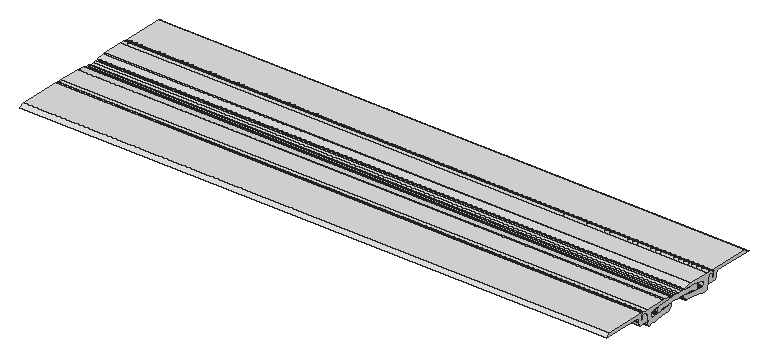
Revit family "Construction-Floors-Conecto-Aluminium Joints ALU AL.165.30", category Specialty Equipment, Revit 2015
Parameters (values of type "Aluminium Joints ALU AL.165.30 N")
  Youtube clip = ""
  Weight Net (Kg) = "0"
  Uniformat II Description = ""
  Uniformat II Code = ""
  Uniclass 2015 Name = "Roofs, floor and paving elements"
  Uniclass 2015 Code = "EF_30"
  Uniclass 2.0 Description = ""
  Uniclass 2.0 Code = ""
  Uniclass 1.4 Description = ""
  Uniclass 1.4 Code = ""
  UNSPSC Code = ""
  Technical description = "http://www.conecto-profiles.com/aluminium-joints/floor-joints/alu"
  Rubber Level = 4.5 mm
  Region South America = "None"
  Region Oceania = "None"
  Region North America = "None"
  Region Middle East = "None"
  Region Europe = "AD, AL, AT, AX, BA, BE, BG, BY, CH, CY, CZ, DE, DK, EE, ES, FI, FO, FR, GB, GG, GI, GR, HR, HU, IE, IM, IS, IT, JE, LI, LT, LU, LV, MC, MD, ME, MK, MT, NL, NO, PL, PT, RO, RS, RU, SE, SI, SJ, SK, SM, UA, VA"
  Region Asia = "None"
  Region Antarctica = "None"
  Region Africa = "None"
  QR code = "http://bimobject.com/conecto/product/165"
  Profile = Aluminium - CONECTO - Grey
  Product url = "http://www.conecto-profiles.com/aluminium-joints/floor-joints/alu"
  Product group = "Aluminum profiles"
  Product family = "Expansion profiles"
  Product data url = "https://bimobject.com/conecto/product/165"
  Product certification = ""
  Product SKU = "165"
  Product Guid = "fe18624e-284b-446c-8d3c-95e013b0493e"  # constant formula
  OmniClass Description = "Profiles"
  OmniClass Code = "23-13 17 00"
  Nominal width = 165 mm
  Nominal height = 0 mm
  NBS Reference Description = ""
  NBS Reference Code = ""
  N CV = no
  N = yes
  Material secondary = ""
  Material main = "Aluminium"
  Masterformat 2014 Description = ""
  Masterformat 2014 Code = ""
  Manufacturer name = "Conecto"
  Manufacturer country = "Poland"
  Manufacturer = "Conecto"  # constant formula
  Length (mm) [instance] = [built-in parameter 1001306]  # 1000 mm
  built-in parameter 1001306 [instance] = 1000 mm
  Installation instructions = ""
  IFC Classification = "Building Element"
  GTIN code = ""
  Edition number = 1
  Design country = "Poland"
  Date of publishing = "10/18/2019"
  COBIe Type Category = ""
  Brand url = "http://www.profiledylatacyjne.com.pl/"
  BIMobject main category code = "construction"
  BIMobject main category = "Construction"
  BIMobject category code = "construction-floors"
  BIMobject category = "Decks, Slabs & Floors"
  97 CV = no
  97 = no
  .87 CV = no
  .87 = no
  .77 CV = no
  .77 = no
  .62 CV = no
  .62 = no
  .52 CV = no
  .52 = no
  42 CV = no
  42 = no
  .30 CV = no
  .30 = no
  .22 CV = no
  .22 = no
  .15 CV = no
  .15 = no
  #CONST_.20-70 = 70 mm
  Void under Ref level [instance] = 10 mm
Reference planes
  plane 1 "Center (Front/Back)": y = 0
  plane 2: z = 0
  plane 3 "Left": x = 0
  plane 4 "Right": x = 1000
  plane 5: z = -10
  plane 6: z = 4.5
  plane 7: z = 4.501
  plane 8: z = 4.501
Forms (mm)
  Extrusion 1, void
    sketch origin (0, 0, 0) x (0, 1, 0) y (0, 0, 1)
      loop
        line (78.767, 12.014) -> (-78.617, 12.014) -> (-78.617, -10) -> (78.767, -10) -> (78.767, 12.014)
    from 0 to 1000
Lines and regions (mm)
  reference lines
    curve 1: line (0, 0, 0) -> (1000, 0, 0)
Dimensions and locks
  "built-in parameter 1001306": plane 3 "Left" to plane 4 "Right"
  "Void under Ref level": plane 2 to plane 5
  "Rubber Level": plane 2 to plane 6
  aligned and locked: plane 4 "Right" to curve 1
  aligned and locked: plane 1 "Center (Front/Back)" to curve 1
  aligned and locked: plane 3 "Left" to curve 1
  aligned and locked: level to plane 2
  aligned and locked: plane 3 "Left" to nested 2
  aligned and locked: Extrusion 1 sketch curve to plane 5
  aligned and locked: Extrusion 1 to curve 1
Automatic sketch dimensions
  level to Extrusion 1 sketch curve = 12.014 mm
  plane 1 "Center (Front/Back)" to Extrusion 1 sketch curve = 78.617 mm
  Extrusion 1 sketch curve to plane 1 "Center (Front/Back)" = 78.767 mm
Nested families
  nested 1: "Standard" at (0, 0, 74.485), type "Standard"
  nested 2: "Rubber" at (0, -2.285, -15.051), type "Rubber"
  nested 3: "Standard" at (0, 0, 74.485), type "Standard", not visible
  nested 4: "Rubber" at (0, -2.285, -15.051), type "Rubber", not visible
Definition of nested family "Standard"
  Parameters (values of type "Standard")
    Space = 132.5 mm
    N CV = no
    N Base = or(N, N CV)  # yes
    N = yes
    Material = none
    Length = 1000 mm
    97 CV = no
    97 = no
    87 CV = no
    87 = no
    77 CV = no
    77 = no
    62 CV = no
    62 = no
    52 CV = no
    .97 Base = or([97], [97 CV])  # no
    .87 Base = or([87], [87 CV])  # no
    .77 Base = or([77], [77 CV])  # no
    .62 Base = or([62], [62 CV])  # no
    .52 Base = or([52], [52 CV])  # no
    52 = no
    42 CV = no
    .42 Base = or([42], [42 CV])  # no
    42 = no
    30 CV = no
    .15 Base = or([15], [15 CV])  # no
    .14 Base = or([30], [30 CV])  # no
    30 = no
    22 CV = no
    .22 Base = or([22], [22 CV])  # no
    22 = no
    15 CV = no
    .30 Base = or([30], [30 CV])  # no
    15 = no
  Reference planes
    plane 1 "Center (Front/Back)": y = 0
    plane 2: z = -84.674
    plane 3 "Center (Left/Right)": x = 0
    plane 4: x = 1000
    plane 5: y = -66.25
    plane 6: y = 66.25
    plane 7: z = 14.705
  Forms (mm)
    Extrusion 1, solid, material <- "Material", visible <- "97 CV"
      sketch origin (0, 265.991, -904.766) x (0, 1, 0) y (0, 0, 1)
        loop
          line (-181.923, 873.746) -> (-185.04, 873.746) -> (-185.04, 835.127) -> (-185.96, 834.792) -> (-189.827, 834.792) -> (-190.641, 834.496) -> (-190.718, 833.393) -> (-188.945, 831.491) -> (-188.417, 832.217) -> (-187.752, 832.736) -> (-186.82, 832.622) -> (-186.117, 831.722) -> (-185.767, 830.705) -> (-186.108, 829.814) -> (-186.916, 829.438) -> (-187.876, 829.573) -> (-187.876, 828.777) -> (-187.577, 827.908) -> (-187.52, 826.828) -> (-187.571, 825.864) -> (-187.711, 824.98) -> (-187.95, 824.148) -> (-188.409, 823.064) -> (-189.025, 822.529) -> (-192.252, 822.529) -> (-193.023, 823.216) -> (-192.803, 824.037) -> (-192.317, 824.758) -> (-191.965, 825.586) -> (-191.777, 826.401) -> (-191.83, 827.414) -> (-192.168, 828.454) -> (-192.625, 829.245) -> (-193.196, 829.816) -> (-193.85, 830.274) -> (-194.582, 830.57) -> (-195.423, 830.749) -> (-196.267, 830.749) -> (-197.048, 830.554) -> (-197.756, 830.209) -> (-198.421, 829.744) -> (-198.961, 829.144) -> (-199.426, 828.339) -> (-199.663, 827.513) -> (-199.723, 826.646) -> (-199.596, 825.742) -> (-199.258, 824.946) -> (-198.755, 824.227) -> (-193.966, 818.405) -> (-181.923, 818.405) -> (-181.923, 873.746)
      from 0 to 1000
    Extrusion 2, solid, material <- "Material", visible <- "87 CV"
      sketch origin (0, 265.988, -904.764) x (0, 1, 0) y (0, 0, 1)
        loop
          line (-181.923, 873.746) -> (-185.04, 873.746) -> (-185.04, 835.127) -> (-185.96, 834.792) -> (-189.827, 834.792) -> (-190.641, 834.496) -> (-190.718, 833.393) -> (-188.945, 831.491) -> (-188.417, 832.217) -> (-187.752, 832.736) -> (-186.82, 832.622) -> (-186.117, 831.722) -> (-185.767, 830.705) -> (-186.108, 829.814) -> (-186.916, 829.438) -> (-187.876, 829.573) -> (-187.876, 828.777) -> (-187.577, 827.908) -> (-187.52, 826.828) -> (-187.571, 825.864) -> (-187.711, 824.98) -> (-187.95, 824.148) -> (-188.409, 823.064) -> (-189.025, 822.529) -> (-192.252, 822.529) -> (-193.023, 823.216) -> (-192.803, 824.037) -> (-192.317, 824.758) -> (-191.965, 825.586) -> (-191.777, 826.401) -> (-191.83, 827.414) -> (-192.168, 828.454) -> (-192.625, 829.245) -> (-193.196, 829.816) -> (-193.85, 830.274) -> (-194.582, 830.57) -> (-195.423, 830.749) -> (-196.267, 830.749) -> (-197.048, 830.554) -> (-197.756, 830.209) -> (-198.421, 829.744) -> (-198.961, 829.144) -> (-199.426, 828.339) -> (-199.663, 827.513) -> (-199.723, 826.646) -> (-199.596, 825.742) -> (-199.258, 824.946) -> (-198.755, 824.227) -> (-193.966, 818.405) -> (-181.923, 818.405) -> (-181.923, 873.746)
      from 0 to 1000
    Extrusion 3, solid, material <- "Material", visible <- "77 CV"
      sketch origin (0, 265.99, -904.764) x (0, 1, 0) y (0, 0, 1)
        loop
          line (-181.923, 873.746) -> (-185.04, 873.746) -> (-185.04, 835.127) -> (-185.96, 834.792) -> (-189.827, 834.792) -> (-190.641, 834.496) -> (-190.718, 833.393) -> (-188.945, 831.491) -> (-188.417, 832.217) -> (-187.752, 832.736) -> (-186.82, 832.622) -> (-186.117, 831.722) -> (-185.767, 830.705) -> (-186.108, 829.814) -> (-186.916, 829.438) -> (-187.876, 829.573) -> (-187.876, 828.777) -> (-187.577, 827.908) -> (-187.52, 826.828) -> (-187.571, 825.864) -> (-187.711, 824.98) -> (-187.95, 824.148) -> (-188.409, 823.064) -> (-189.025, 822.529) -> (-192.252, 822.529) -> (-193.023, 823.216) -> (-192.803, 824.037) -> (-192.317, 824.758) -> (-191.965, 825.586) -> (-191.777, 826.401) -> (-191.83, 827.414) -> (-192.168, 828.454) -> (-192.625, 829.245) -> (-193.196, 829.816) -> (-193.85, 830.274) -> (-194.582, 830.57) -> (-195.423, 830.749) -> (-196.267, 830.749) -> (-197.048, 830.554) -> (-197.756, 830.209) -> (-198.421, 829.744) -> (-198.961, 829.144) -> (-199.426, 828.339) -> (-199.663, 827.513) -> (-199.723, 826.646) -> (-199.596, 825.742) -> (-199.258, 824.946) -> (-198.755, 824.227) -> (-193.966, 818.405) -> (-181.923, 818.405) -> (-181.923, 873.746)
      from 0 to 1000
    Extrusion 4, solid, material <- "Material", visible <- "62 CV"
      sketch origin (0, 265.99, -989.381) x (0, 1, 0) y (0, 0, 1)
        loop
          line (-181.923, 958.42) -> (-185.04, 958.42) -> (-185.04, 919.801) -> (-185.96, 919.466) -> (-189.827, 919.466) -> (-190.641, 919.17) -> (-190.718, 918.067) -> (-188.945, 916.165) -> (-188.417, 916.891) -> (-187.752, 917.41) -> (-186.82, 917.296) -> (-186.117, 916.395) -> (-185.767, 915.379) -> (-186.108, 914.488) -> (-186.916, 914.112) -> (-187.876, 914.247) -> (-187.876, 913.451) -> (-187.577, 912.582) -> (-187.52, 911.502) -> (-187.571, 910.538) -> (-187.711, 909.654) -> (-187.95, 908.822) -> (-188.409, 907.738) -> (-189.025, 907.203) -> (-192.252, 907.203) -> (-193.023, 907.89) -> (-192.803, 908.711) -> (-192.317, 909.431) -> (-191.965, 910.26) -> (-191.777, 911.075) -> (-191.83, 912.088) -> (-192.168, 913.128) -> (-192.625, 913.919) -> (-193.196, 914.49) -> (-193.85, 914.948) -> (-194.582, 915.244) -> (-195.423, 915.423) -> (-196.267, 915.423) -> (-197.048, 915.228) -> (-197.756, 914.883) -> (-198.421, 914.417) -> (-198.961, 913.818) -> (-199.426, 913.012) -> (-199.663, 912.187) -> (-199.723, 911.32) -> (-199.596, 910.416) -> (-199.258, 909.619) -> (-198.755, 908.901) -> (-193.966, 903.079) -> (-181.923, 903.079) -> (-181.923, 958.42)
      from 0 to 1000
    Extrusion 5, solid, material <- "Material", visible <- "52 CV"
      sketch origin (0, 265.991, -904.766) x (0, 1, 0) y (0, 0, 1)
        loop
          line (-181.923, 873.746) -> (-185.04, 873.746) -> (-185.04, 835.127) -> (-185.96, 834.792) -> (-189.827, 834.792) -> (-190.641, 834.496) -> (-190.718, 833.393) -> (-188.945, 831.491) -> (-188.417, 832.217) -> (-187.752, 832.736) -> (-186.82, 832.622) -> (-186.117, 831.722) -> (-185.767, 830.705) -> (-186.108, 829.814) -> (-186.916, 829.438) -> (-187.876, 829.573) -> (-187.876, 828.777) -> (-187.577, 827.908) -> (-187.52, 826.828) -> (-187.571, 825.864) -> (-187.711, 824.98) -> (-187.95, 824.148) -> (-188.409, 823.064) -> (-189.025, 822.529) -> (-192.252, 822.529) -> (-193.023, 823.216) -> (-192.803, 824.037) -> (-192.317, 824.758) -> (-191.965, 825.586) -> (-191.777, 826.401) -> (-191.83, 827.414) -> (-192.168, 828.454) -> (-192.625, 829.245) -> (-193.196, 829.816) -> (-193.85, 830.274) -> (-194.582, 830.57) -> (-195.423, 830.749) -> (-196.267, 830.749) -> (-197.048, 830.554) -> (-197.756, 830.209) -> (-198.421, 829.744) -> (-198.961, 829.144) -> (-199.426, 828.339) -> (-199.663, 827.513) -> (-199.723, 826.646) -> (-199.596, 825.742) -> (-199.258, 824.946) -> (-198.755, 824.227) -> (-193.966, 818.405) -> (-181.923, 818.405) -> (-181.923, 873.746)
      from 0 to 1000
    Extrusion 6, solid, material <- "Material", visible <- "42 CV"
      sketch origin (0, 265.988, -904.764) x (0, 1, 0) y (0, 0, 1)
        loop
          line (-181.923, 873.746) -> (-185.04, 873.746) -> (-185.04, 835.127) -> (-185.96, 834.792) -> (-189.827, 834.792) -> (-190.641, 834.496) -> (-190.718, 833.393) -> (-188.945, 831.491) -> (-188.417, 832.217) -> (-187.752, 832.736) -> (-186.82, 832.622) -> (-186.117, 831.722) -> (-185.767, 830.705) -> (-186.108, 829.814) -> (-186.916, 829.438) -> (-187.876, 829.573) -> (-187.876, 828.777) -> (-187.577, 827.908) -> (-187.52, 826.828) -> (-187.571, 825.864) -> (-187.711, 824.98) -> (-187.95, 824.148) -> (-188.409, 823.064) -> (-189.025, 822.529) -> (-192.252, 822.529) -> (-193.023, 823.216) -> (-192.803, 824.037) -> (-192.317, 824.758) -> (-191.965, 825.586) -> (-191.777, 826.401) -> (-191.83, 827.414) -> (-192.168, 828.454) -> (-192.625, 829.245) -> (-193.196, 829.816) -> (-193.85, 830.274) -> (-194.582, 830.57) -> (-195.423, 830.749) -> (-196.267, 830.749) -> (-197.048, 830.554) -> (-197.756, 830.209) -> (-198.421, 829.744) -> (-198.961, 829.144) -> (-199.426, 828.339) -> (-199.663, 827.513) -> (-199.723, 826.646) -> (-199.596, 825.742) -> (-199.258, 824.946) -> (-198.755, 824.227) -> (-193.966, 818.405) -> (-181.923, 818.405) -> (-181.923, 873.746)
      from 0 to 1000
    Extrusion 7, solid, material <- "Material", visible <- "30 CV"
      sketch origin (0, 265.99, -904.764) x (0, 1, 0) y (0, 0, 1)
        loop
          line (-181.923, 873.746) -> (-185.04, 873.746) -> (-185.04, 835.127) -> (-185.96, 834.792) -> (-189.827, 834.792) -> (-190.641, 834.496) -> (-190.718, 833.393) -> (-188.945, 831.491) -> (-188.417, 832.217) -> (-187.752, 832.736) -> (-186.82, 832.622) -> (-186.117, 831.722) -> (-185.767, 830.705) -> (-186.108, 829.814) -> (-186.916, 829.438) -> (-187.876, 829.573) -> (-187.876, 828.777) -> (-187.577, 827.908) -> (-187.52, 826.828) -> (-187.571, 825.864) -> (-187.711, 824.98) -> (-187.95, 824.148) -> (-188.409, 823.064) -> (-189.025, 822.529) -> (-192.252, 822.529) -> (-193.023, 823.216) -> (-192.803, 824.037) -> (-192.317, 824.758) -> (-191.965, 825.586) -> (-191.777, 826.401) -> (-191.83, 827.414) -> (-192.168, 828.454) -> (-192.625, 829.245) -> (-193.196, 829.816) -> (-193.85, 830.274) -> (-194.582, 830.57) -> (-195.423, 830.749) -> (-196.267, 830.749) -> (-197.048, 830.554) -> (-197.756, 830.209) -> (-198.421, 829.744) -> (-198.961, 829.144) -> (-199.426, 828.339) -> (-199.663, 827.513) -> (-199.723, 826.646) -> (-199.596, 825.742) -> (-199.258, 824.946) -> (-198.755, 824.227) -> (-193.966, 818.405) -> (-181.923, 818.405) -> (-181.923, 873.746)
      from 0 to 1000
    Extrusion 8, solid, material <- "Material", visible <- "22 CV"
      sketch origin (0, 265.99, -989.381) x (0, 1, 0) y (0, 0, 1)
        loop
          line (-181.923, 958.42) -> (-185.04, 958.42) -> (-185.04, 919.801) -> (-185.96, 919.466) -> (-189.827, 919.466) -> (-190.641, 919.17) -> (-190.718, 918.067) -> (-188.945, 916.165) -> (-188.417, 916.891) -> (-187.752, 917.41) -> (-186.82, 917.296) -> (-186.117, 916.395) -> (-185.767, 915.379) -> (-186.108, 914.488) -> (-186.916, 914.112) -> (-187.876, 914.247) -> (-187.876, 913.451) -> (-187.577, 912.582) -> (-187.52, 911.502) -> (-187.571, 910.538) -> (-187.711, 909.654) -> (-187.95, 908.822) -> (-188.409, 907.738) -> (-189.025, 907.203) -> (-192.252, 907.203) -> (-193.023, 907.89) -> (-192.803, 908.711) -> (-192.317, 909.431) -> (-191.965, 910.26) -> (-191.777, 911.075) -> (-191.83, 912.088) -> (-192.168, 913.128) -> (-192.625, 913.919) -> (-193.196, 914.49) -> (-193.85, 914.948) -> (-194.582, 915.244) -> (-195.423, 915.423) -> (-196.267, 915.423) -> (-197.048, 915.228) -> (-197.756, 914.883) -> (-198.421, 914.417) -> (-198.961, 913.818) -> (-199.426, 913.012) -> (-199.663, 912.187) -> (-199.723, 911.32) -> (-199.596, 910.416) -> (-199.258, 909.619) -> (-198.755, 908.901) -> (-193.966, 903.079) -> (-181.923, 903.079) -> (-181.923, 958.42)
      from 0 to 1000
    Extrusion 9, solid, material <- "Material", visible <- "15 CV"
      sketch origin (0, 265.976, -904.758) x (0, 1, 0) y (0, 0, 1)
        loop
          line (-181.923, 873.746) -> (-185.04, 873.746) -> (-185.04, 835.127) -> (-185.96, 834.792) -> (-189.827, 834.792) -> (-190.641, 834.496) -> (-190.718, 833.393) -> (-188.945, 831.491) -> (-188.417, 832.217) -> (-187.752, 832.736) -> (-186.82, 832.622) -> (-186.117, 831.722) -> (-185.767, 830.705) -> (-186.108, 829.814) -> (-186.916, 829.438) -> (-187.876, 829.573) -> (-187.876, 828.777) -> (-187.577, 827.908) -> (-187.52, 826.828) -> (-187.571, 825.864) -> (-187.711, 824.98) -> (-187.95, 824.148) -> (-188.409, 823.064) -> (-189.025, 822.529) -> (-192.252, 822.529) -> (-193.023, 823.216) -> (-192.803, 824.037) -> (-192.317, 824.758) -> (-191.965, 825.586) -> (-191.777, 826.401) -> (-191.83, 827.414) -> (-192.168, 828.454) -> (-192.625, 829.245) -> (-193.196, 829.816) -> (-193.85, 830.274) -> (-194.582, 830.57) -> (-195.423, 830.749) -> (-196.267, 830.749) -> (-197.048, 830.554) -> (-197.756, 830.209) -> (-198.421, 829.744) -> (-198.961, 829.144) -> (-199.426, 828.339) -> (-199.663, 827.513) -> (-199.723, 826.646) -> (-199.596, 825.742) -> (-199.258, 824.946) -> (-198.755, 824.227) -> (-193.966, 818.405) -> (-181.923, 818.405) -> (-181.923, 873.746)
      from 0 to 1000
    Extrusion 10, solid, material <- "Material", visible <- "N CV"
      sketch origin (0, 265.973, -904.756) x (0, 1, 0) y (0, 0, 1)
        loop
          line (-181.923, 873.746) -> (-185.04, 873.746) -> (-185.04, 835.127) -> (-185.96, 834.792) -> (-189.827, 834.792) -> (-190.641, 834.496) -> (-190.718, 833.393) -> (-188.945, 831.491) -> (-188.417, 832.217) -> (-187.752, 832.736) -> (-186.82, 832.622) -> (-186.117, 831.722) -> (-185.767, 830.705) -> (-186.108, 829.814) -> (-186.916, 829.438) -> (-187.876, 829.573) -> (-187.876, 828.777) -> (-187.577, 827.908) -> (-187.52, 826.828) -> (-187.571, 825.864) -> (-187.711, 824.98) -> (-187.95, 824.148) -> (-188.409, 823.064) -> (-189.025, 822.529) -> (-192.252, 822.529) -> (-193.023, 823.216) -> (-192.803, 824.037) -> (-192.317, 824.758) -> (-191.965, 825.586) -> (-191.777, 826.401) -> (-191.83, 827.414) -> (-192.168, 828.454) -> (-192.625, 829.245) -> (-193.196, 829.816) -> (-193.85, 830.274) -> (-194.582, 830.57) -> (-195.423, 830.749) -> (-196.267, 830.749) -> (-197.048, 830.554) -> (-197.756, 830.209) -> (-198.421, 829.744) -> (-198.961, 829.144) -> (-199.426, 828.339) -> (-199.663, 827.513) -> (-199.723, 826.646) -> (-199.596, 825.742) -> (-199.258, 824.946) -> (-198.755, 824.227) -> (-193.966, 818.405) -> (-181.923, 818.405) -> (-181.923, 873.746)
      from 0 to 1000
    Extrusion 11, solid, material <- "Material", visible <- ".97 Base"
      sketch origin (0, 265.433, 968.395) x (0, 1, 0) y (0, 0, 1)
        loop
          line (-348.099, -1038.38) -> (-348.099, -1047.322) -> (-347.155, -1051.761) -> (-348.066, -1052.847) -> (-348.066, -1055.109) -> (-341.573, -1055.109) -> (-340.746, -1054.612) -> (-339.959, -1054.386) -> (-339.07, -1054.386) -> (-338.193, -1054.688) -> (-337.564, -1055.162) -> (-337.041, -1055.764) -> (-336.694, -1056.543) -> (-336.609, -1057.347) -> (-336.68, -1058.158) -> (-337.165, -1059.151) -> (-337.886, -1059.824) -> (-338.6, -1060.204) -> (-339.375, -1060.354) -> (-340.163, -1060.285) -> (-340.938, -1060.033) -> (-341.545, -1059.542) -> (-342.453, -1059.606) -> (-348.108, -1059.606) -> (-348.108, -1062.159) -> (-345.808, -1062.564) -> (-338.108, -1063.974) -> (-337.835, -1064.768) -> (-337.835, -1128.086) -> (-338.253, -1129.646) -> (-339.023, -1130.564) -> (-340.727, -1131.151) -> (-342.881, -1130.848) -> (-405.157, -1130.848) -> (-407.235, -1132.048) -> (-407.92, -1132.732) -> (-407.786, -1134.643) -> (-406.961, -1135.222) -> (-405.536, -1135.396) -> (-333.708, -1135.396) -> (-333.708, -1061.81) -> (-332.573, -1058.514) -> (-332.573, -1055.983) -> (-333.708, -1052.687) -> (-333.708, -1047.26) -> (-333.052, -1046.389) -> (-331.792, -1046.389) -> (-331.792, -1045.229) -> (-332.573, -1043.929) -> (-333.419, -1043.219) -> (-334.229, -1042.714) -> (-335.061, -1042.506) -> (-335.992, -1042.408) -> (-336.903, -1042.552) -> (-337.825, -1042.925) -> (-338.601, -1043.624) -> (-339.258, -1044.353) -> (-339.636, -1045.164) -> (-339.791, -1045.963) -> (-339.791, -1047.063) -> (-339.533, -1047.858) -> (-339.045, -1048.776) -> (-338.56, -1049.688) -> (-338.858, -1050.426) -> (-339.6, -1050.741) -> (-342.245, -1050.741) -> (-342.964, -1050.358) -> (-343.455, -1049.435) -> (-343.804, -1048.361) -> (-344.049, -1046.361) -> (-343.953, -1045.256) -> (-343.644, -1043.667) -> (-344.475, -1043.667) -> (-345.261, -1043.486) -> (-345.759, -1042.847) -> (-345.732, -1042.061) -> (-344.895, -1040.668) -> (-344.121, -1040.431) -> (-343.343, -1040.699) -> (-342.646, -1041.772) -> (-342.051, -1041.037) -> (-341.166, -1040.152) -> (-340.706, -1039.387) -> (-341.311, -1038.38) -> (-348.099, -1038.38)
      from 0 to 1000
    Extrusion 12, solid, material <- "Material", visible <- ".87 Base"
      sketch origin (0, 265.433, 968.395) x (0, 1, 0) y (0, 0, 1)
        loop
          line (-348.099, -1038.38) -> (-348.099, -1047.322) -> (-347.155, -1051.761) -> (-348.066, -1052.847) -> (-348.066, -1055.109) -> (-341.573, -1055.109) -> (-340.746, -1054.612) -> (-339.959, -1054.386) -> (-339.07, -1054.386) -> (-338.193, -1054.688) -> (-337.564, -1055.162) -> (-337.041, -1055.764) -> (-336.694, -1056.543) -> (-336.609, -1057.347) -> (-336.68, -1058.158) -> (-337.165, -1059.151) -> (-337.886, -1059.824) -> (-338.6, -1060.204) -> (-339.375, -1060.354) -> (-340.163, -1060.285) -> (-340.938, -1060.033) -> (-341.545, -1059.542) -> (-342.453, -1059.606) -> (-348.108, -1059.606) -> (-348.108, -1062.159) -> (-345.808, -1062.564) -> (-338.108, -1063.974) -> (-337.835, -1064.768) -> (-337.835, -1117.856) -> (-338.273, -1119.493) -> (-340.388, -1120.714) -> (-405.165, -1120.714) -> (-407.235, -1121.909) -> (-407.92, -1122.594) -> (-407.786, -1124.505) -> (-406.961, -1125.083) -> (-405.536, -1125.258) -> (-333.708, -1125.258) -> (-333.708, -1061.81) -> (-332.573, -1058.514) -> (-332.573, -1055.983) -> (-333.708, -1052.687) -> (-333.708, -1047.26) -> (-333.052, -1046.389) -> (-331.792, -1046.389) -> (-331.792, -1045.229) -> (-332.573, -1043.929) -> (-333.419, -1043.219) -> (-334.229, -1042.714) -> (-335.061, -1042.506) -> (-335.992, -1042.408) -> (-336.903, -1042.552) -> (-337.825, -1042.925) -> (-338.601, -1043.624) -> (-339.258, -1044.353) -> (-339.636, -1045.164) -> (-339.791, -1045.963) -> (-339.791, -1047.063) -> (-339.533, -1047.858) -> (-339.045, -1048.776) -> (-338.56, -1049.688) -> (-338.858, -1050.426) -> (-339.6, -1050.741) -> (-342.245, -1050.741) -> (-342.964, -1050.358) -> (-343.455, -1049.435) -> (-343.804, -1048.361) -> (-344.049, -1046.361) -> (-343.953, -1045.256) -> (-343.644, -1043.667) -> (-344.475, -1043.667) -> (-345.261, -1043.486) -> (-345.759, -1042.847) -> (-345.732, -1042.061) -> (-344.895, -1040.668) -> (-344.121, -1040.431) -> (-343.343, -1040.699) -> (-342.646, -1041.772) -> (-342.051, -1041.037) -> (-341.166, -1040.152) -> (-340.706, -1039.387) -> (-341.311, -1038.38) -> (-348.099, -1038.38)
      from 0 to 1000
    Extrusion 13, solid, material <- "Material", visible <- ".77 Base"
      sketch origin (0, 265.433, 968.395) x (0, 1, 0) y (0, 0, 1)
        loop
          line (-348.099, -1038.38) -> (-348.099, -1047.322) -> (-347.155, -1051.761) -> (-348.066, -1052.847) -> (-348.066, -1055.109) -> (-341.573, -1055.109) -> (-340.746, -1054.612) -> (-339.959, -1054.386) -> (-339.07, -1054.386) -> (-338.193, -1054.688) -> (-337.564, -1055.162) -> (-337.041, -1055.764) -> (-336.694, -1056.543) -> (-336.609, -1057.347) -> (-336.68, -1058.158) -> (-337.165, -1059.151) -> (-337.886, -1059.824) -> (-338.6, -1060.204) -> (-339.375, -1060.354) -> (-340.163, -1060.285) -> (-340.938, -1060.033) -> (-341.545, -1059.542) -> (-342.453, -1059.606) -> (-348.108, -1059.606) -> (-348.108, -1062.159) -> (-345.808, -1062.564) -> (-338.108, -1063.974) -> (-337.835, -1064.768) -> (-337.835, -1109.136) -> (-338.766, -1110.285) -> (-340.091, -1110.99) -> (-342.898, -1110.793) -> (-405.132, -1110.793) -> (-407.335, -1112.065) -> (-408.019, -1112.75) -> (-407.886, -1114.661) -> (-407.06, -1115.239) -> (-405.635, -1115.414) -> (-333.708, -1115.414) -> (-333.708, -1061.81) -> (-332.573, -1058.514) -> (-332.573, -1055.983) -> (-333.708, -1052.687) -> (-333.708, -1047.26) -> (-333.052, -1046.389) -> (-331.792, -1046.389) -> (-331.792, -1045.229) -> (-332.573, -1043.929) -> (-333.419, -1043.219) -> (-334.229, -1042.714) -> (-335.061, -1042.506) -> (-335.992, -1042.408) -> (-336.903, -1042.552) -> (-337.825, -1042.925) -> (-338.601, -1043.624) -> (-339.258, -1044.353) -> (-339.636, -1045.164) -> (-339.791, -1045.963) -> (-339.791, -1047.063) -> (-339.533, -1047.858) -> (-339.045, -1048.776) -> (-338.56, -1049.688) -> (-338.858, -1050.426) -> (-339.6, -1050.741) -> (-342.245, -1050.741) -> (-342.964, -1050.358) -> (-343.455, -1049.435) -> (-343.804, -1048.361) -> (-344.049, -1046.361) -> (-343.953, -1045.256) -> (-343.644, -1043.667) -> (-344.475, -1043.667) -> (-345.261, -1043.486) -> (-345.759, -1042.847) -> (-345.732, -1042.061) -> (-344.895, -1040.668) -> (-344.121, -1040.431) -> (-343.343, -1040.699) -> (-342.646, -1041.772) -> (-342.051, -1041.037) -> (-341.166, -1040.152) -> (-340.706, -1039.387) -> (-341.311, -1038.38) -> (-348.099, -1038.38)
      from 0 to 1000
    Extrusion 14, solid, material <- "Material", visible <- ".62 Base"
      sketch origin (0, 265.434, 968.395) x (0, 1, 0) y (0, 0, 1)
        loop
          line (-348.099, -1038.38) -> (-348.099, -1047.322) -> (-347.155, -1051.761) -> (-348.066, -1052.847) -> (-348.066, -1055.109) -> (-341.573, -1055.109) -> (-340.746, -1054.612) -> (-339.959, -1054.386) -> (-339.07, -1054.386) -> (-338.193, -1054.688) -> (-337.564, -1055.162) -> (-337.041, -1055.764) -> (-336.694, -1056.543) -> (-336.609, -1057.347) -> (-336.68, -1058.158) -> (-337.165, -1059.151) -> (-337.886, -1059.824) -> (-338.6, -1060.204) -> (-339.375, -1060.354) -> (-340.163, -1060.285) -> (-340.938, -1060.033) -> (-341.545, -1059.542) -> (-342.453, -1059.606) -> (-348.108, -1059.606) -> (-348.108, -1062.159) -> (-345.808, -1062.564) -> (-338.108, -1063.974) -> (-337.835, -1064.768) -> (-337.835, -1093.653) -> (-338.231, -1094.742) -> (-338.966, -1095.619) -> (-340.318, -1096.11) -> (-341.106, -1096.179) -> (-342.795, -1095.912) -> (-405.197, -1095.912) -> (-407.26, -1097.103) -> (-407.944, -1097.787) -> (-407.811, -1099.698) -> (-406.985, -1100.277) -> (-405.56, -1100.452) -> (-333.708, -1100.452) -> (-333.708, -1061.81) -> (-332.573, -1058.514) -> (-332.573, -1055.983) -> (-333.708, -1052.687) -> (-333.708, -1047.26) -> (-333.052, -1046.389) -> (-331.792, -1046.389) -> (-331.792, -1045.229) -> (-332.573, -1043.929) -> (-333.419, -1043.219) -> (-334.229, -1042.714) -> (-335.061, -1042.506) -> (-335.992, -1042.408) -> (-336.903, -1042.552) -> (-337.825, -1042.925) -> (-338.601, -1043.624) -> (-339.258, -1044.353) -> (-339.636, -1045.164) -> (-339.791, -1045.963) -> (-339.791, -1047.063) -> (-339.533, -1047.858) -> (-339.045, -1048.776) -> (-338.56, -1049.688) -> (-338.858, -1050.426) -> (-339.6, -1050.741) -> (-342.245, -1050.741) -> (-342.964, -1050.358) -> (-343.455, -1049.435) -> (-343.804, -1048.361) -> (-344.049, -1046.361) -> (-343.953, -1045.256) -> (-343.644, -1043.667) -> (-344.475, -1043.667) -> (-345.261, -1043.486) -> (-345.759, -1042.847) -> (-345.732, -1042.061) -> (-344.895, -1040.668) -> (-344.121, -1040.431) -> (-343.343, -1040.699) -> (-342.646, -1041.772) -> (-342.051, -1041.037) -> (-341.166, -1040.152) -> (-340.706, -1039.387) -> (-341.311, -1038.38) -> (-348.099, -1038.38)
      from 0 to 1000
    Extrusion 15, solid, material <- "Material", visible <- ".52 Base"
      sketch origin (0, 265.433, 968.395) x (0, 1, 0) y (0, 0, 1)
        loop
          line (-348.099, -1038.38) -> (-348.099, -1047.322) -> (-347.155, -1051.761) -> (-348.066, -1052.847) -> (-348.066, -1055.109) -> (-341.573, -1055.109) -> (-340.746, -1054.612) -> (-339.959, -1054.386) -> (-339.07, -1054.386) -> (-338.193, -1054.688) -> (-337.564, -1055.162) -> (-337.041, -1055.764) -> (-336.694, -1056.543) -> (-336.609, -1057.347) -> (-336.68, -1058.158) -> (-337.165, -1059.151) -> (-337.886, -1059.824) -> (-338.6, -1060.204) -> (-339.375, -1060.354) -> (-340.163, -1060.285) -> (-340.938, -1060.033) -> (-341.545, -1059.542) -> (-342.453, -1059.606) -> (-348.108, -1059.606) -> (-348.108, -1062.159) -> (-345.808, -1062.564) -> (-338.108, -1063.974) -> (-337.835, -1064.768) -> (-337.835, -1083.114) -> (-338.602, -1085.013) -> (-339.653, -1085.895) -> (-341.949, -1086.136) -> (-342.902, -1085.881) -> (-405.206, -1085.881) -> (-407.26, -1087.067) -> (-407.944, -1087.751) -> (-407.811, -1089.662) -> (-406.985, -1090.24) -> (-405.56, -1090.415) -> (-333.708, -1090.415) -> (-333.708, -1061.81) -> (-332.573, -1058.514) -> (-332.573, -1055.983) -> (-333.708, -1052.687) -> (-333.708, -1047.26) -> (-333.052, -1046.389) -> (-331.792, -1046.389) -> (-331.792, -1045.229) -> (-332.573, -1043.929) -> (-333.419, -1043.219) -> (-334.229, -1042.714) -> (-335.061, -1042.506) -> (-335.992, -1042.408) -> (-336.903, -1042.552) -> (-337.825, -1042.925) -> (-338.601, -1043.624) -> (-339.258, -1044.353) -> (-339.636, -1045.164) -> (-339.791, -1045.963) -> (-339.791, -1047.063) -> (-339.533, -1047.858) -> (-339.045, -1048.776) -> (-338.56, -1049.688) -> (-338.858, -1050.426) -> (-339.6, -1050.741) -> (-342.245, -1050.741) -> (-342.964, -1050.358) -> (-343.455, -1049.435) -> (-343.804, -1048.361) -> (-344.049, -1046.361) -> (-343.953, -1045.256) -> (-343.644, -1043.667) -> (-344.475, -1043.667) -> (-345.261, -1043.486) -> (-345.759, -1042.847) -> (-345.732, -1042.061) -> (-344.895, -1040.668) -> (-344.121, -1040.431) -> (-343.343, -1040.699) -> (-342.646, -1041.772) -> (-342.051, -1041.037) -> (-341.166, -1040.152) -> (-340.706, -1039.387) -> (-341.311, -1038.38) -> (-348.099, -1038.38)
      from 0 to 1000
    Extrusion 16, solid, material <- "Material", visible <- ".42 Base"
      sketch origin (0, 265.415, 968.416) x (0, 1, 0) y (0, 0, 1)
        loop
          line (-348.099, -1038.38) -> (-348.099, -1047.322) -> (-347.155, -1051.761) -> (-348.066, -1052.847) -> (-348.066, -1055.109) -> (-341.573, -1055.109) -> (-340.746, -1054.612) -> (-339.959, -1054.386) -> (-339.07, -1054.386) -> (-338.193, -1054.688) -> (-337.564, -1055.162) -> (-337.041, -1055.764) -> (-336.694, -1056.543) -> (-336.609, -1057.347) -> (-336.68, -1058.158) -> (-337.165, -1059.151) -> (-337.886, -1059.824) -> (-338.6, -1060.204) -> (-339.375, -1060.354) -> (-340.163, -1060.285) -> (-340.938, -1060.033) -> (-341.545, -1059.542) -> (-342.453, -1059.606) -> (-348.108, -1059.606) -> (-348.108, -1062.159) -> (-345.808, -1062.564) -> (-338.108, -1063.974) -> (-337.835, -1064.768) -> (-337.835, -1073.423) -> (-338.211, -1074.456) -> (-339.1, -1075.515) -> (-340.117, -1075.885) -> (-341.449, -1076.002) -> (-342.843, -1075.756) -> (-405.213, -1075.756) -> (-407.26, -1076.938) -> (-407.944, -1077.622) -> (-407.811, -1079.533) -> (-406.985, -1080.111) -> (-405.56, -1080.286) -> (-333.708, -1080.286) -> (-333.708, -1061.81) -> (-332.573, -1058.514) -> (-332.573, -1055.983) -> (-333.708, -1052.687) -> (-333.708, -1047.26) -> (-333.052, -1046.389) -> (-331.792, -1046.389) -> (-331.792, -1045.229) -> (-332.573, -1043.929) -> (-333.419, -1043.219) -> (-334.229, -1042.714) -> (-335.061, -1042.506) -> (-335.992, -1042.408) -> (-336.903, -1042.552) -> (-337.825, -1042.925) -> (-338.601, -1043.624) -> (-339.258, -1044.353) -> (-339.636, -1045.164) -> (-339.791, -1045.963) -> (-339.791, -1047.063) -> (-339.533, -1047.858) -> (-339.045, -1048.776) -> (-338.56, -1049.688) -> (-338.858, -1050.426) -> (-339.6, -1050.741) -> (-342.245, -1050.741) -> (-342.964, -1050.358) -> (-343.455, -1049.435) -> (-343.804, -1048.361) -> (-344.049, -1046.361) -> (-343.953, -1045.256) -> (-343.644, -1043.667) -> (-344.475, -1043.667) -> (-345.261, -1043.486) -> (-345.759, -1042.847) -> (-345.732, -1042.061) -> (-344.895, -1040.668) -> (-344.121, -1040.431) -> (-343.343, -1040.699) -> (-342.646, -1041.772) -> (-342.051, -1041.037) -> (-341.166, -1040.152) -> (-340.706, -1039.387) -> (-341.311, -1038.38) -> (-348.099, -1038.38)
      from 0 to 1000
    Extrusion 17, solid, material <- "Material", visible <- "N Base"
      sketch origin (0, 265.489, -904.847) x (0, 1, 0) y (0, 0, 1)
        loop
          line (-340.931, 834.863) -> (-408.899, 834.863) -> (-416.694, 830.362) -> (-354.167, 830.362) -> (-352.144, 830.362) -> (-351.031, 830.323) -> (-349.969, 829.936) -> (-349.194, 829.394) -> (-348.465, 828.391) -> (-348.159, 827.161) -> (-347.86, 823.75) -> (-347.029, 821.583) -> (-345.086, 817.416) -> (-344.288, 817.061) -> (-332.411, 817.061) -> (-331.75, 817.82) -> (-331.75, 826.756) -> (-332.067, 828.385) -> (-332.747, 829.356) -> (-333.724, 830.205) -> (-334.742, 830.68) -> (-335.744, 830.785) -> (-336.906, 830.683) -> (-337.751, 830.289) -> (-338.76, 829.501) -> (-339.276, 828.764) -> (-339.566, 827.969) -> (-339.797, 827.04) -> (-339.721, 826.162) -> (-339.348, 824.942) -> (-338.712, 824.035) -> (-338.552, 823.211) -> (-339.177, 822.492) -> (-342.243, 822.492) -> (-343.008, 822.833) -> (-343.537, 823.966) -> (-344.048, 826.595) -> (-343.873, 828.262) -> (-343.632, 829.501) -> (-344.67, 829.501) -> (-345.403, 829.924) -> (-345.752, 830.672) -> (-345.508, 831.581) -> (-344.846, 832.527) -> (-343.743, 832.643) -> (-343.046, 832.156) -> (-342.667, 831.342) -> (-340.761, 833.248) -> (-340.931, 834.863)
      from 0 to 1000
    Extrusion 18, solid, material <- "Material", visible <- ".15 Base"
      sketch origin (0, 265.412, -730.453) x (0, 1, 0) y (0, 0, 1)
        loop
          line (-340.863, 660.485) -> (-348.087, 660.485) -> (-348.087, 648.965) -> (-348.463, 648.256) -> (-349.238, 648.004) -> (-402.464, 648.004) -> (-403.518, 647.893) -> (-405.616, 647.13) -> (-406.046, 646.442) -> (-405.109, 645.504) -> (-331.904, 645.504) -> (-331.904, 653.116) -> (-332.304, 654.214) -> (-333.023, 655.364) -> (-333.937, 656.005) -> (-334.669, 656.286) -> (-335.449, 656.451) -> (-336.282, 656.422) -> (-337.089, 656.265) -> (-337.82, 655.955) -> (-338.554, 655.46) -> (-339.094, 654.839) -> (-339.68, 653.737) -> (-339.869, 652.847) -> (-339.801, 652.062) -> (-339.668, 651.228) -> (-339.112, 650.265) -> (-338.645, 649.621) -> (-338.645, 648.739) -> (-339.236, 648.207) -> (-342.642, 648.207) -> (-343.232, 648.737) -> (-343.823, 650.323) -> (-344.095, 652.511) -> (-343.988, 653.531) -> (-343.805, 654.468) -> (-343.707, 655.266) -> (-345.115, 655.266) -> (-345.738, 655.889) -> (-345.803, 656.819) -> (-345.318, 657.859) -> (-344.212, 658.497) -> (-343.159, 658.006) -> (-342.827, 657.095) -> (-340.863, 659.059) -> (-340.863, 660.485)
      from 0 to 1000
    Extrusion 19, solid, material <- "Material", visible <- ".22 Base"
      sketch origin (0, 265.432, -730.454) x (0, 1, 0) y (0, 0, 1)
        loop
          line (-340.863, 660.485) -> (-348.087, 660.485) -> (-348.087, 644.236) -> (-348.463, 643.527) -> (-349.238, 643.275) -> (-402.464, 643.275) -> (-403.518, 643.165) -> (-405.616, 642.401) -> (-406.046, 641.713) -> (-406.046, 638.659) -> (-342.618, 638.659) -> (-342.618, 639.488) -> (-343.152, 640.197) -> (-343.456, 640.99) -> (-343.558, 641.817) -> (-343.267, 643.078) -> (-342.693, 643.812) -> (-341.914, 644.378) -> (-340.563, 644.69) -> (-339.166, 644.342) -> (-338.102, 643.48) -> (-337.578, 641.866) -> (-337.827, 640.453) -> (-338.52, 639.596) -> (-338.405, 638.666) -> (-331.904, 638.666) -> (-331.904, 645.504) -> (-331.904, 653.116) -> (-332.304, 654.214) -> (-333.023, 655.364) -> (-333.937, 656.005) -> (-334.669, 656.286) -> (-335.449, 656.451) -> (-336.282, 656.422) -> (-337.089, 656.265) -> (-337.82, 655.955) -> (-338.554, 655.46) -> (-339.094, 654.839) -> (-339.68, 653.737) -> (-339.869, 652.847) -> (-339.801, 652.062) -> (-339.668, 651.228) -> (-339.112, 650.265) -> (-338.645, 649.621) -> (-338.645, 648.739) -> (-339.236, 648.207) -> (-342.642, 648.207) -> (-343.232, 648.737) -> (-343.823, 650.323) -> (-344.095, 652.511) -> (-343.988, 653.531) -> (-343.805, 654.468) -> (-343.707, 655.266) -> (-345.115, 655.266) -> (-345.738, 655.889) -> (-345.803, 656.819) -> (-345.318, 657.859) -> (-344.212, 658.497) -> (-343.159, 658.006) -> (-342.827, 657.095) -> (-340.863, 659.059) -> (-340.863, 660.485)
      from 0 to 1000
    Extrusion 20, solid, material <- "Material", visible <- ".30 Base"
      sketch origin (0, 265.421, -730.469) x (0, 1, 0) y (0, 0, 1)
        loop
          line (-340.863, 660.485) -> (-348.087, 660.485) -> (-348.087, 650.485) -> (-344.644, 642.375) -> (-343.49, 642.518) -> (-340.971, 643.587) -> (-338.885, 643.144) -> (-337.959, 642.446) -> (-337.305, 641.512) -> (-336.849, 640.438) -> (-336.849, 638.821) -> (-337.565, 637.215) -> (-338.504, 636.275) -> (-339.634, 635.699) -> (-340.815, 635.554) -> (-342.048, 635.706) -> (-342.956, 636.168) -> (-343.581, 636.64) -> (-344.385, 636.64) -> (-347.656, 635.114) -> (-402.262, 635.114) -> (-404.116, 634.512) -> (-405.896, 633.484) -> (-405.896, 631.009) -> (-405.147, 630.66) -> (-403.61, 630.498) -> (-331.904, 630.498) -> (-331.904, 645.504) -> (-331.904, 653.116) -> (-332.304, 654.214) -> (-333.023, 655.364) -> (-333.937, 656.005) -> (-334.669, 656.286) -> (-335.449, 656.451) -> (-336.282, 656.422) -> (-337.089, 656.265) -> (-337.82, 655.955) -> (-338.554, 655.46) -> (-339.094, 654.839) -> (-339.68, 653.737) -> (-339.869, 652.847) -> (-339.801, 652.062) -> (-339.668, 651.228) -> (-339.112, 650.265) -> (-338.645, 649.621) -> (-338.645, 648.739) -> (-339.236, 648.207) -> (-342.642, 648.207) -> (-343.232, 648.737) -> (-343.823, 650.323) -> (-344.095, 652.511) -> (-343.988, 653.531) -> (-343.805, 654.468) -> (-343.707, 655.266) -> (-345.115, 655.266) -> (-345.738, 655.889) -> (-345.803, 656.819) -> (-345.318, 657.859) -> (-344.212, 658.497) -> (-343.159, 658.006) -> (-342.827, 657.095) -> (-340.863, 659.059) -> (-340.863, 660.485)
      from 0 to 1000
    Extrusion 21, solid, material <- "Material", visible <- "97"
      sketch origin (0, -265.433, 968.395) x (0, -1, 0) y (0, 0, -1)
        loop
          line (-348.099, 1038.38) -> (-341.311, 1038.38) -> (-340.706, 1039.387) -> (-341.166, 1040.152) -> (-342.051, 1041.037) -> (-342.646, 1041.772) -> (-343.343, 1040.699) -> (-344.121, 1040.431) -> (-344.895, 1040.668) -> (-345.732, 1042.061) -> (-345.759, 1042.847) -> (-345.261, 1043.486) -> (-344.475, 1043.667) -> (-343.644, 1043.667) -> (-343.953, 1045.256) -> (-344.049, 1046.361) -> (-343.804, 1048.361) -> (-343.455, 1049.435) -> (-342.964, 1050.358) -> (-342.245, 1050.741) -> (-339.6, 1050.741) -> (-338.858, 1050.426) -> (-338.56, 1049.688) -> (-339.045, 1048.776) -> (-339.533, 1047.858) -> (-339.791, 1047.063) -> (-339.791, 1045.963) -> (-339.636, 1045.164) -> (-339.258, 1044.353) -> (-338.601, 1043.624) -> (-337.825, 1042.925) -> (-336.903, 1042.552) -> (-335.992, 1042.408) -> (-335.061, 1042.506) -> (-334.229, 1042.714) -> (-333.419, 1043.219) -> (-332.573, 1043.929) -> (-331.792, 1045.229) -> (-331.792, 1046.389) -> (-333.052, 1046.389) -> (-333.708, 1047.26) -> (-333.708, 1052.687) -> (-332.573, 1055.983) -> (-332.573, 1058.514) -> (-333.708, 1061.81) -> (-333.708, 1135.396) -> (-405.536, 1135.396) -> (-406.961, 1135.222) -> (-407.786, 1134.643) -> (-407.92, 1132.732) -> (-407.235, 1132.048) -> (-405.157, 1130.848) -> (-342.881, 1130.848) -> (-340.727, 1131.151) -> (-339.023, 1130.564) -> (-338.253, 1129.646) -> (-337.835, 1128.086) -> (-337.835, 1064.768) -> (-338.108, 1063.974) -> (-345.808, 1062.564) -> (-348.108, 1062.159) -> (-348.108, 1059.606) -> (-342.453, 1059.606) -> (-341.545, 1059.542) -> (-340.938, 1060.033) -> (-340.163, 1060.285) -> (-339.375, 1060.354) -> (-338.6, 1060.204) -> (-337.886, 1059.824) -> (-337.165, 1059.151) -> (-336.68, 1058.158) -> (-336.609, 1057.347) -> (-336.694, 1056.543) -> (-337.041, 1055.764) -> (-337.564, 1055.162) -> (-338.193, 1054.688) -> (-339.07, 1054.386) -> (-339.959, 1054.386) -> (-340.746, 1054.612) -> (-341.573, 1055.109) -> (-348.066, 1055.109) -> (-348.066, 1052.847) -> (-347.155, 1051.761) -> (-348.099, 1047.322) -> (-348.099, 1038.38)
      from 0 to 1000
    Extrusion 22, solid, material <- "Material", visible <- "87"
      sketch origin (0, -265.433, 968.395) x (0, -1, 0) y (0, 0, -1)
        loop
          line (-348.099, 1038.38) -> (-341.311, 1038.38) -> (-340.706, 1039.387) -> (-341.166, 1040.152) -> (-342.051, 1041.037) -> (-342.646, 1041.772) -> (-343.343, 1040.699) -> (-344.121, 1040.431) -> (-344.895, 1040.668) -> (-345.732, 1042.061) -> (-345.759, 1042.847) -> (-345.261, 1043.486) -> (-344.475, 1043.667) -> (-343.644, 1043.667) -> (-343.953, 1045.256) -> (-344.049, 1046.361) -> (-343.804, 1048.361) -> (-343.455, 1049.435) -> (-342.964, 1050.358) -> (-342.245, 1050.741) -> (-339.6, 1050.741) -> (-338.858, 1050.426) -> (-338.56, 1049.688) -> (-339.045, 1048.776) -> (-339.533, 1047.858) -> (-339.791, 1047.063) -> (-339.791, 1045.963) -> (-339.636, 1045.164) -> (-339.258, 1044.353) -> (-338.601, 1043.624) -> (-337.825, 1042.925) -> (-336.903, 1042.552) -> (-335.992, 1042.408) -> (-335.061, 1042.506) -> (-334.229, 1042.714) -> (-333.419, 1043.219) -> (-332.573, 1043.929) -> (-331.792, 1045.229) -> (-331.792, 1046.389) -> (-333.052, 1046.389) -> (-333.708, 1047.26) -> (-333.708, 1052.687) -> (-332.573, 1055.983) -> (-332.573, 1058.514) -> (-333.708, 1061.81) -> (-333.708, 1125.258) -> (-405.536, 1125.258) -> (-406.961, 1125.083) -> (-407.786, 1124.505) -> (-407.92, 1122.594) -> (-407.235, 1121.909) -> (-405.165, 1120.714) -> (-340.388, 1120.714) -> (-338.273, 1119.493) -> (-337.835, 1117.856) -> (-337.835, 1064.768) -> (-338.108, 1063.974) -> (-345.808, 1062.564) -> (-348.108, 1062.159) -> (-348.108, 1059.606) -> (-342.453, 1059.606) -> (-341.545, 1059.542) -> (-340.938, 1060.033) -> (-340.163, 1060.285) -> (-339.375, 1060.354) -> (-338.6, 1060.204) -> (-337.886, 1059.824) -> (-337.165, 1059.151) -> (-336.68, 1058.158) -> (-336.609, 1057.347) -> (-336.694, 1056.543) -> (-337.041, 1055.764) -> (-337.564, 1055.162) -> (-338.193, 1054.688) -> (-339.07, 1054.386) -> (-339.959, 1054.386) -> (-340.746, 1054.612) -> (-341.573, 1055.109) -> (-348.066, 1055.109) -> (-348.066, 1052.847) -> (-347.155, 1051.761) -> (-348.099, 1047.322) -> (-348.099, 1038.38)
      from 0 to 1000
    Extrusion 23, solid, material <- "Material", visible <- "77"
      sketch origin (0, -265.433, 968.395) x (0, -1, 0) y (0, 0, -1)
        loop
          line (-348.099, 1038.38) -> (-341.311, 1038.38) -> (-340.706, 1039.387) -> (-341.166, 1040.152) -> (-342.051, 1041.037) -> (-342.646, 1041.772) -> (-343.343, 1040.699) -> (-344.121, 1040.431) -> (-344.895, 1040.668) -> (-345.732, 1042.061) -> (-345.759, 1042.847) -> (-345.261, 1043.486) -> (-344.475, 1043.667) -> (-343.644, 1043.667) -> (-343.953, 1045.256) -> (-344.049, 1046.361) -> (-343.804, 1048.361) -> (-343.455, 1049.435) -> (-342.964, 1050.358) -> (-342.245, 1050.741) -> (-339.6, 1050.741) -> (-338.858, 1050.426) -> (-338.56, 1049.688) -> (-339.045, 1048.776) -> (-339.533, 1047.858) -> (-339.791, 1047.063) -> (-339.791, 1045.963) -> (-339.636, 1045.164) -> (-339.258, 1044.353) -> (-338.601, 1043.624) -> (-337.825, 1042.925) -> (-336.903, 1042.552) -> (-335.992, 1042.408) -> (-335.061, 1042.506) -> (-334.229, 1042.714) -> (-333.419, 1043.219) -> (-332.573, 1043.929) -> (-331.792, 1045.229) -> (-331.792, 1046.389) -> (-333.052, 1046.389) -> (-333.708, 1047.26) -> (-333.708, 1052.687) -> (-332.573, 1055.983) -> (-332.573, 1058.514) -> (-333.708, 1061.81) -> (-333.708, 1115.414) -> (-405.635, 1115.414) -> (-407.06, 1115.239) -> (-407.886, 1114.661) -> (-408.019, 1112.75) -> (-407.335, 1112.065) -> (-405.132, 1110.793) -> (-342.898, 1110.793) -> (-340.091, 1110.99) -> (-338.766, 1110.285) -> (-337.835, 1109.136) -> (-337.835, 1064.768) -> (-338.108, 1063.974) -> (-345.808, 1062.564) -> (-348.108, 1062.159) -> (-348.108, 1059.606) -> (-342.453, 1059.606) -> (-341.545, 1059.542) -> (-340.938, 1060.033) -> (-340.163, 1060.285) -> (-339.375, 1060.354) -> (-338.6, 1060.204) -> (-337.886, 1059.824) -> (-337.165, 1059.151) -> (-336.68, 1058.158) -> (-336.609, 1057.347) -> (-336.694, 1056.543) -> (-337.041, 1055.764) -> (-337.564, 1055.162) -> (-338.193, 1054.688) -> (-339.07, 1054.386) -> (-339.959, 1054.386) -> (-340.746, 1054.612) -> (-341.573, 1055.109) -> (-348.066, 1055.109) -> (-348.066, 1052.847) -> (-347.155, 1051.761) -> (-348.099, 1047.322) -> (-348.099, 1038.38)
      from 0 to 1000
    Extrusion 24, solid, material <- "Material", visible <- "62"
      sketch origin (0, -265.434, 968.395) x (0, -1, 0) y (0, 0, -1)
        loop
          line (-348.099, 1038.38) -> (-341.311, 1038.38) -> (-340.706, 1039.387) -> (-341.166, 1040.152) -> (-342.051, 1041.037) -> (-342.646, 1041.772) -> (-343.343, 1040.699) -> (-344.121, 1040.431) -> (-344.895, 1040.668) -> (-345.732, 1042.061) -> (-345.759, 1042.847) -> (-345.261, 1043.486) -> (-344.475, 1043.667) -> (-343.644, 1043.667) -> (-343.953, 1045.256) -> (-344.049, 1046.361) -> (-343.804, 1048.361) -> (-343.455, 1049.435) -> (-342.964, 1050.358) -> (-342.245, 1050.741) -> (-339.6, 1050.741) -> (-338.858, 1050.426) -> (-338.56, 1049.688) -> (-339.045, 1048.776) -> (-339.533, 1047.858) -> (-339.791, 1047.063) -> (-339.791, 1045.963) -> (-339.636, 1045.164) -> (-339.258, 1044.353) -> (-338.601, 1043.624) -> (-337.825, 1042.925) -> (-336.903, 1042.552) -> (-335.992, 1042.408) -> (-335.061, 1042.506) -> (-334.229, 1042.714) -> (-333.419, 1043.219) -> (-332.573, 1043.929) -> (-331.792, 1045.229) -> (-331.792, 1046.389) -> (-333.052, 1046.389) -> (-333.708, 1047.26) -> (-333.708, 1052.687) -> (-332.573, 1055.983) -> (-332.573, 1058.514) -> (-333.708, 1061.81) -> (-333.708, 1100.452) -> (-405.56, 1100.452) -> (-406.985, 1100.277) -> (-407.811, 1099.698) -> (-407.944, 1097.787) -> (-407.26, 1097.103) -> (-405.197, 1095.912) -> (-342.795, 1095.912) -> (-341.106, 1096.179) -> (-340.318, 1096.11) -> (-338.966, 1095.619) -> (-338.231, 1094.742) -> (-337.835, 1093.653) -> (-337.835, 1064.768) -> (-338.108, 1063.974) -> (-345.808, 1062.564) -> (-348.108, 1062.159) -> (-348.108, 1059.606) -> (-342.453, 1059.606) -> (-341.545, 1059.542) -> (-340.938, 1060.033) -> (-340.163, 1060.285) -> (-339.375, 1060.354) -> (-338.6, 1060.204) -> (-337.886, 1059.824) -> (-337.165, 1059.151) -> (-336.68, 1058.158) -> (-336.609, 1057.347) -> (-336.694, 1056.543) -> (-337.041, 1055.764) -> (-337.564, 1055.162) -> (-338.193, 1054.688) -> (-339.07, 1054.386) -> (-339.959, 1054.386) -> (-340.746, 1054.612) -> (-341.573, 1055.109) -> (-348.066, 1055.109) -> (-348.066, 1052.847) -> (-347.155, 1051.761) -> (-348.099, 1047.322) -> (-348.099, 1038.38)
      from 0 to 1000
    Extrusion 25, solid, material <- "Material", visible <- "52"
      sketch origin (0, -265.433, 968.395) x (0, -1, 0) y (0, 0, -1)
        loop
          line (-348.099, 1038.38) -> (-341.311, 1038.38) -> (-340.706, 1039.387) -> (-341.166, 1040.152) -> (-342.051, 1041.037) -> (-342.646, 1041.772) -> (-343.343, 1040.699) -> (-344.121, 1040.431) -> (-344.895, 1040.668) -> (-345.732, 1042.061) -> (-345.759, 1042.847) -> (-345.261, 1043.486) -> (-344.475, 1043.667) -> (-343.644, 1043.667) -> (-343.953, 1045.256) -> (-344.049, 1046.361) -> (-343.804, 1048.361) -> (-343.455, 1049.435) -> (-342.964, 1050.358) -> (-342.245, 1050.741) -> (-339.6, 1050.741) -> (-338.858, 1050.426) -> (-338.56, 1049.688) -> (-339.045, 1048.776) -> (-339.533, 1047.858) -> (-339.791, 1047.063) -> (-339.791, 1045.963) -> (-339.636, 1045.164) -> (-339.258, 1044.353) -> (-338.601, 1043.624) -> (-337.825, 1042.925) -> (-336.903, 1042.552) -> (-335.992, 1042.408) -> (-335.061, 1042.506) -> (-334.229, 1042.714) -> (-333.419, 1043.219) -> (-332.573, 1043.929) -> (-331.792, 1045.229) -> (-331.792, 1046.389) -> (-333.052, 1046.389) -> (-333.708, 1047.26) -> (-333.708, 1052.687) -> (-332.573, 1055.983) -> (-332.573, 1058.514) -> (-333.708, 1061.81) -> (-333.708, 1090.415) -> (-405.56, 1090.415) -> (-406.985, 1090.24) -> (-407.811, 1089.662) -> (-407.944, 1087.751) -> (-407.26, 1087.067) -> (-405.206, 1085.881) -> (-342.902, 1085.881) -> (-341.949, 1086.136) -> (-339.653, 1085.895) -> (-338.602, 1085.013) -> (-337.835, 1083.114) -> (-337.835, 1064.768) -> (-338.108, 1063.974) -> (-345.808, 1062.564) -> (-348.108, 1062.159) -> (-348.108, 1059.606) -> (-342.453, 1059.606) -> (-341.545, 1059.542) -> (-340.938, 1060.033) -> (-340.163, 1060.285) -> (-339.375, 1060.354) -> (-338.6, 1060.204) -> (-337.886, 1059.824) -> (-337.165, 1059.151) -> (-336.68, 1058.158) -> (-336.609, 1057.347) -> (-336.694, 1056.543) -> (-337.041, 1055.764) -> (-337.564, 1055.162) -> (-338.193, 1054.688) -> (-339.07, 1054.386) -> (-339.959, 1054.386) -> (-340.746, 1054.612) -> (-341.573, 1055.109) -> (-348.066, 1055.109) -> (-348.066, 1052.847) -> (-347.155, 1051.761) -> (-348.099, 1047.322) -> (-348.099, 1038.38)
      from 0 to 1000
    Extrusion 26, solid, material <- "Material", visible <- "42"
      sketch origin (0, -265.415, 968.416) x (0, -1, 0) y (0, 0, -1)
        loop
          line (-348.099, 1038.38) -> (-341.311, 1038.38) -> (-340.706, 1039.387) -> (-341.166, 1040.152) -> (-342.051, 1041.037) -> (-342.646, 1041.772) -> (-343.343, 1040.699) -> (-344.121, 1040.431) -> (-344.895, 1040.668) -> (-345.732, 1042.061) -> (-345.759, 1042.847) -> (-345.261, 1043.486) -> (-344.475, 1043.667) -> (-343.644, 1043.667) -> (-343.953, 1045.256) -> (-344.049, 1046.361) -> (-343.804, 1048.361) -> (-343.455, 1049.435) -> (-342.964, 1050.358) -> (-342.245, 1050.741) -> (-339.6, 1050.741) -> (-338.858, 1050.426) -> (-338.56, 1049.688) -> (-339.045, 1048.776) -> (-339.533, 1047.858) -> (-339.791, 1047.063) -> (-339.791, 1045.963) -> (-339.636, 1045.164) -> (-339.258, 1044.353) -> (-338.601, 1043.624) -> (-337.825, 1042.925) -> (-336.903, 1042.552) -> (-335.992, 1042.408) -> (-335.061, 1042.506) -> (-334.229, 1042.714) -> (-333.419, 1043.219) -> (-332.573, 1043.929) -> (-331.792, 1045.229) -> (-331.792, 1046.389) -> (-333.052, 1046.389) -> (-333.708, 1047.26) -> (-333.708, 1052.687) -> (-332.573, 1055.983) -> (-332.573, 1058.514) -> (-333.708, 1061.81) -> (-333.708, 1080.286) -> (-405.56, 1080.286) -> (-406.985, 1080.111) -> (-407.811, 1079.533) -> (-407.944, 1077.622) -> (-407.26, 1076.938) -> (-405.213, 1075.756) -> (-342.843, 1075.756) -> (-341.449, 1076.002) -> (-340.117, 1075.885) -> (-339.1, 1075.515) -> (-338.211, 1074.456) -> (-337.835, 1073.423) -> (-337.835, 1064.768) -> (-338.108, 1063.974) -> (-345.808, 1062.564) -> (-348.108, 1062.159) -> (-348.108, 1059.606) -> (-342.453, 1059.606) -> (-341.545, 1059.542) -> (-340.938, 1060.033) -> (-340.163, 1060.285) -> (-339.375, 1060.354) -> (-338.6, 1060.204) -> (-337.886, 1059.824) -> (-337.165, 1059.151) -> (-336.68, 1058.158) -> (-336.609, 1057.347) -> (-336.694, 1056.543) -> (-337.041, 1055.764) -> (-337.564, 1055.162) -> (-338.193, 1054.688) -> (-339.07, 1054.386) -> (-339.959, 1054.386) -> (-340.746, 1054.612) -> (-341.573, 1055.109) -> (-348.066, 1055.109) -> (-348.066, 1052.847) -> (-347.155, 1051.761) -> (-348.099, 1047.322) -> (-348.099, 1038.38)
      from 0 to 1000
    Extrusion 27, solid, material <- "Material", visible <- "N"
      sketch origin (0, -265.5, -904.832) x (0, -1, 0) y (0, 0, -1)
        loop
          line (-340.931, -834.863) -> (-340.761, -833.248) -> (-342.667, -831.342) -> (-343.046, -832.156) -> (-343.743, -832.643) -> (-344.846, -832.527) -> (-345.508, -831.581) -> (-345.752, -830.672) -> (-345.403, -829.924) -> (-344.67, -829.501) -> (-343.632, -829.501) -> (-343.873, -828.262) -> (-344.048, -826.595) -> (-343.537, -823.966) -> (-343.008, -822.833) -> (-342.243, -822.492) -> (-339.177, -822.492) -> (-338.552, -823.211) -> (-338.712, -824.035) -> (-339.348, -824.942) -> (-339.721, -826.162) -> (-339.797, -827.04) -> (-339.566, -827.969) -> (-339.276, -828.764) -> (-338.76, -829.501) -> (-337.751, -830.289) -> (-336.906, -830.683) -> (-335.744, -830.785) -> (-334.742, -830.68) -> (-333.724, -830.205) -> (-332.747, -829.356) -> (-332.067, -828.385) -> (-331.75, -826.756) -> (-331.75, -817.82) -> (-332.411, -817.061) -> (-344.288, -817.061) -> (-345.086, -817.416) -> (-347.029, -821.583) -> (-347.86, -823.75) -> (-348.159, -827.161) -> (-348.465, -828.391) -> (-349.194, -829.394) -> (-349.969, -829.936) -> (-351.031, -830.323) -> (-352.144, -830.362) -> (-354.167, -830.362) -> (-416.694, -830.362) -> (-408.899, -834.863) -> (-340.931, -834.863)
      from 0 to 1000
    Extrusion 28, solid, material <- "Material", visible <- "15"
      sketch origin (0, -265.412, -730.453) x (0, -1, 0) y (0, 0, -1)
        loop
          line (-340.863, -660.485) -> (-340.863, -659.059) -> (-342.827, -657.095) -> (-343.159, -658.006) -> (-344.212, -658.497) -> (-345.318, -657.859) -> (-345.803, -656.819) -> (-345.738, -655.889) -> (-345.115, -655.266) -> (-343.707, -655.266) -> (-343.805, -654.468) -> (-343.988, -653.531) -> (-344.095, -652.511) -> (-343.823, -650.323) -> (-343.232, -648.737) -> (-342.642, -648.207) -> (-339.236, -648.207) -> (-338.645, -648.739) -> (-338.645, -649.621) -> (-339.112, -650.265) -> (-339.668, -651.228) -> (-339.801, -652.062) -> (-339.869, -652.847) -> (-339.68, -653.737) -> (-339.094, -654.839) -> (-338.554, -655.46) -> (-337.82, -655.955) -> (-337.089, -656.265) -> (-336.282, -656.422) -> (-335.449, -656.451) -> (-334.669, -656.286) -> (-333.937, -656.005) -> (-333.023, -655.364) -> (-332.304, -654.214) -> (-331.904, -653.116) -> (-331.904, -645.504) -> (-405.109, -645.504) -> (-406.046, -646.442) -> (-405.616, -647.13) -> (-403.518, -647.893) -> (-402.464, -648.004) -> (-349.238, -648.004) -> (-348.463, -648.256) -> (-348.087, -648.965) -> (-348.087, -660.485) -> (-340.863, -660.485)
      from 0 to 1000
    Extrusion 29, solid, material <- "Material", visible <- "22"
      sketch origin (0, -265.432, -730.454) x (0, -1, 0) y (0, 0, -1)
        loop
          line (-340.863, -660.485) -> (-340.863, -659.059) -> (-342.827, -657.095) -> (-343.159, -658.006) -> (-344.212, -658.497) -> (-345.318, -657.859) -> (-345.803, -656.819) -> (-345.738, -655.889) -> (-345.115, -655.266) -> (-343.707, -655.266) -> (-343.805, -654.468) -> (-343.988, -653.531) -> (-344.095, -652.511) -> (-343.823, -650.323) -> (-343.232, -648.737) -> (-342.642, -648.207) -> (-339.236, -648.207) -> (-338.645, -648.739) -> (-338.645, -649.621) -> (-339.112, -650.265) -> (-339.668, -651.228) -> (-339.801, -652.062) -> (-339.869, -652.847) -> (-339.68, -653.737) -> (-339.094, -654.839) -> (-338.554, -655.46) -> (-337.82, -655.955) -> (-337.089, -656.265) -> (-336.282, -656.422) -> (-335.449, -656.451) -> (-334.669, -656.286) -> (-333.937, -656.005) -> (-333.023, -655.364) -> (-332.304, -654.214) -> (-331.904, -653.116) -> (-331.904, -645.504) -> (-331.904, -638.666) -> (-338.405, -638.666) -> (-338.52, -639.596) -> (-337.827, -640.453) -> (-337.578, -641.866) -> (-338.102, -643.48) -> (-339.166, -644.342) -> (-340.563, -644.69) -> (-341.914, -644.378) -> (-342.693, -643.812) -> (-343.267, -643.078) -> (-343.558, -641.817) -> (-343.456, -640.99) -> (-343.152, -640.197) -> (-342.618, -639.488) -> (-342.618, -638.659) -> (-406.046, -638.659) -> (-406.046, -641.713) -> (-405.616, -642.401) -> (-403.518, -643.165) -> (-402.464, -643.275) -> (-349.238, -643.275) -> (-348.463, -643.527) -> (-348.087, -644.236) -> (-348.087, -660.485) -> (-340.863, -660.485)
      from 0 to 1000
